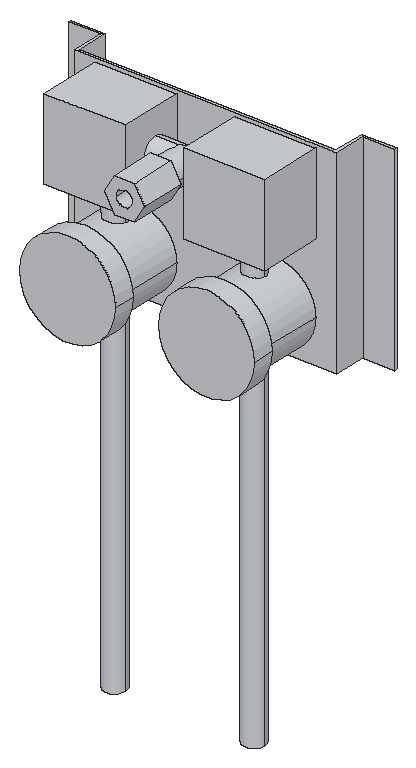
Revit family "PML2", category Plumbing Fixtures, Revit 2015
Parameters
  URL = "https://www.willoughby-ind.com/wp-content/uploads/2018/09/PML2-PSL2.pdf"
  Revision = "A"
  Model = "PML2"
  Manufacturer = "Willoughby Industries"
  Description = "Pnuematic Dual Temp. Valve, 6\" Flexhose, Mixing valve"
  Contact Info. = "(800) 428-4065"
  Connector Type = "1/2\" F.I.P. / 1/2\" M.I.P"
Reference planes (in)
  plane 1 "Center (Front/Back)": y = 0
  plane 2: z = 0
  plane 3 "Center (Left/Right)": x = 0
Forms (in)
  Extrusion 1, solid
    sketch origin (-111.8125, -11.72052, 20.35802) x (0, -1, 0) y (1, 0, 0)
      loop
        line (0, 108) -> (0.0625, 108) -> (0.0625, 108.75) -> (0.8125, 108.75) -> (0.8125, 114.875) -> (0.0625, 114.875) -> (0.0625, 115.625) -> (0, 115.625) -> (0, 114.8125) -> (0.75, 114.8125) -> (0.75, 108.8125) -> (0, 108.8125) -> (0, 108)
    from -4.625 to 0
  Extrusion 2, solid
    sketch origin (-111.8125, -11.72052, 20.35802) x (1, 0, 0) y (0, 0, 1)
      loop
        circle (110.1875, -3.625) r 0.9375
      loop
        line (109.2375, -1.979) -> (111.1375, -1.979) -> (111.1375, -0.079) -> (109.2375, -0.079) -> (109.2375, -1.979)
    from 0.8125 to 2.3125
  Extrusion 3, solid
    sketch origin (111.8125, -11.72052, 20.35802) x (-1, 0, 0) y (0, 0, -1)
      loop
        circle (110.1875, 3.625) r 0.9375
      loop
        line (111.1375, 1.029) -> (111.1375, 1.979) -> (109.2375, 1.979) -> (109.2375, 0.079) -> (111.1375, 0.079) -> (111.1375, 1.029)
    from 0.8125 to 2.3125
  Extrusion 4, solid
    sketch origin (-1.625, -11.72052, 20.35802) x (1, 0, 0) y (0, 0, 1)
      loop
        circle (1.625, -1) r 0.357
    from 1.45703 to 2.125
  Extrusion 5, solid
    sketch origin (0, -11.72052, 20.35802) x (0, 0, 1) y (0, -1, 0)
      loop
        circle (-1, 1.45703) r 0.333
    from -1.125 to 1.125
  Extrusion 6, solid
    sketch origin (0, -11.72052, 20.35802) x (0, -1, 0) y (1, 0, 0)
      loop
        circle (1.4375, -1.625) r 0.25
      loop
        circle (1.4375, 1.625) r 0.25
    from -0.95312 to -12.5625
  Extrusion 7, solid
    sketch origin (0, -11.72052, 20.35802) x (1, 0, 0) y (0, 0, 1)
      loop
        line (0.23455, -1.40625) -> (0.4691, -1) -> (0.23455, -0.59375) -> (-0.23455, -0.59375) -> (-0.4691, -1) -> (-0.23455, -1.40625) -> (0.23455, -1.40625)
    from 2.125 to 3.1875
  Extrusion 8, void
    sketch origin (0, -11.72052, 20.35802) x (1, 0, 0) y (0, 0, 1)
      loop
        circle (0, -1) r 0.1875
    from 2.6875 to 3.1875
  Extrusion 9, solid
    sketch origin (0, -11.72052, 20.35802) x (1, 0, 0) y (0, 0, 1)
      loop
        circle (-1.625, -3.625) r 1.12
      loop
        circle (1.625, -3.625) r 1.12
    from 2.8125 to 2.3125
Cuts and joins
  Extrusion 8 cuts Extrusion 1
  Extrusion 8 cuts Extrusion 4
  Extrusion 8 cuts Extrusion 5
  Extrusion 8 cuts Extrusion 7
Dimensions and locks (in)
  aligned and locked: level to plane 2
Connectors (in)
  piping at (-1.625, -13.15802, 7.79552), diameter 0.5
    settings: on Extrusion 6, index 1, connector inside diameter 24", connector length 0' - 0", flow factor 0, pipe flow 0 GPM, pressure drop 0.00 psi, fitting loss kfactor 0, connector angle 0.00°, fixture units 0, engagement length 0' - 0", angle of deflection 0.00°, flow configuration 0, flow direction 1, fitting loss method 0, system type 20, joint type 0, gender type 0, connector reference index -1, connector utility 0, adjustable connector no, is connector primary yes, connector description ""
  piping at (1.625, -13.15802, 7.79552), diameter 0.5
    settings: on Extrusion 6, index 2, connector inside diameter 24", connector length 0' - 0", flow factor 0, pipe flow 0 GPM, pressure drop 0.00 psi, fitting loss kfactor 0, connector angle 0.00°, fixture units 0, engagement length 0' - 0", angle of deflection 0.00°, flow configuration 0, flow direction 0, fitting loss method 0, system type 19, joint type 0, gender type 0, connector reference index -1, connector utility 0, adjustable connector no, is connector primary no, connector description ""
